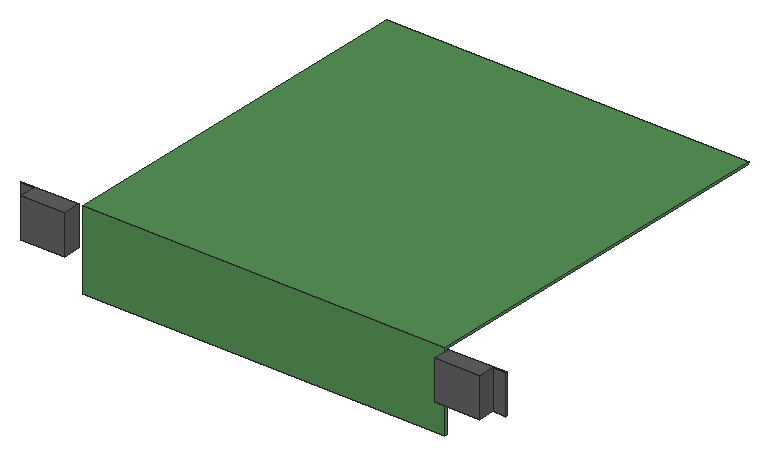
Revit family "Levelers_Kelley_HP", category Specialty Equipment, host Floor, Revit 2023
Family settings
  Host = Floor
  Round Connector Dimension = Use Diameter
  Part Type = Normal
  Enable Cutting in Views = No
  Always vertical = Yes
  Cut with Voids When Loaded = Yes
  Maintain Annotation Orientation = No
  Shared = No
  Room Calculation Point = No
Parameters (values of type "7x8")
  URL = "http://kelleyentrematic.com/"
  Model = "HP"
  Manufacturer = "Kelley Entrematic"
  Description = "Hydraulic Leveler"
  LipExtension = 0' - 0"
  PitWidth = 7' - 1"
  PitLength = 7' - 3"
  PitDepthR = PitDepth - 0' 0 1/2"  # 1' - 7 1/2"
  PitDepth = 1' - 8"
  LipLength = 1' - 6"
  Default Elevation = 0' - 0"
  Curb = 0' - 3"
  Capacity = "30-50k"
Types (9): name | PitWidth | PitLength | PitDepthR | PitDepth
  6x6 | 6' - 2" | 5' - 3" | 1' - 7 1/2" | 1' - 8"
  6x8 | 6' - 2" | 7' - 3" | 1' - 7 1/2" | 1' - 8"
  6.5x6 | 6' - 8" | 5' - 3" | 1' - 7 1/2" | 1' - 8"
  6.5x8 | 6' - 8" | 7' - 3" | 1' - 7 1/2" | 1' - 8"
  7x6 | 7' - 1" | 5' - 3" | 1' - 7 1/2" | 1' - 8"
  7x8 | 7' - 1" | 7' - 3" | 1' - 7 1/2" | 1' - 8"
  6x10 | 6' - 2" | 9' - 3" | 1' - 11 1/2" | 2' - 0"
  6.5x10 | 6' - 8" | 9' - 3" | 1' - 11 1/2" | 2' - 0"
  7x10 | 7' - 1" | 9' - 3" | 1' - 11 1/2" | 2' - 0"
Reference planes (in)
  plane 1 "Center (Front/Back)": y = 0
  plane 2: z = 0
  plane 3 "Center (Left/Right)": x = 0
  plane 4 "Lip Width": y = -59.5
  plane 5 "pit right": x = 42.5
  plane 6 "Pit left": x = -42.5
  plane 7 "pit rear": y = 27
  plane 8 "curb angle left": x = -45.5
  plane 9: x = -41.5
  plane 10 "curb angle right": x = 45.5
  plane 11: x = 41.5
  plane 12 "curb angle rear": y = 30
  plane 13 "Curb angle - Front": y = -57
  plane 14 "Edge of Dock": y = -60
  plane 15: z = -0.5
  plane 16: z = -19.5
  plane 17: z = -20
  plane 18: y = 15
  plane 19: y = -48
  plane 20 "Lip Length": z = -18
  plane 21: x = 63.5
  plane 22: x = -63.5
  plane 23: z = -3
  plane 24: z = -23
  plane 25: z = 0
  plane 26: z = 0
  plane 27: z = -9
  plane 28: x = -52.625
  plane 29: x = -55.625
  plane 30: y = -64
  plane 31: y = -60.25
  plane 32: x = 52.625
  plane 33: x = 55.625
Forms (in)
  Extrusion 1, void
    sketch origin (0, 0, 0) x (0, 1, 0) y (0, 0, 1)
      loop
        line (27, 0) -> (-60, 0) -> (-60, -20) -> (-48, -20) -> (15, -19.5) -> (27, -19.5) -> (27, 0)
    from -42.5 to 42.5
  Extrusion 2, solid, material "Kelly Diamond"
    sketch origin (0, 0, 0) x (1, 0, 0) y (0, 1, 0)
      loop
        line (-41.5, 27) -> (-41.5, -60) -> (41.5, -60) -> (41.5, 27) -> (-41.5, 27)
    from -0.5 to 0
  Extrusion 3, solid, material "Kelly Diamond"
    sketch origin (0, 0, 0) x (1, 0, 0) y (0, 0, 1)
      loop
        line (-41.5, 0) -> (-41.5, -18) -> (41.5, -18) -> (41.5, 0) -> (-41.5, 0)
    from 59.5 to 60
  Extrusion 4, solid, material "BUMPER"
    sketch origin (0, 0, 0) x (-1, 0, 0) y (0, -1, 0)
      loop
        line (42.5, 60) -> (55.625, 60) -> (55.625, 60.25) -> (52.625, 60.25) -> (52.625, 64) -> (42.5, 64) -> (42.5, 60)
      loop
        line (-42.5, 60) -> (-42.5, 64) -> (-52.625, 64) -> (-52.625, 60.25) -> (-55.625, 60.25) -> (-55.625, 60) -> (-42.5, 60)
    from -9 to 0
Cuts and joins
  joined: Extrusion 2, Extrusion 3
Lines and regions (in)
  model lines
    curve 1: line (-45.5, 30, 0) -> (45.5, 30, 0)
    curve 2: line (45.5, 30, 0) -> (45.5, 27, 0)
    curve 3: line (45.5, 27, 0) -> (-45.5, 27, 0)
    curve 4: line (-45.5, 27, 0) -> (-45.5, 30, 0)
    curve 5: line (-45.5, 27, 0) -> (-45.5, -57, 0)
    curve 6: line (-42.5, -57, 0) -> (-42.5, 27, 0)
    curve 7: line (-42.5, -57, 0) -> (-63.5, -57, 0)
    curve 8: line (-63.5, -57, 0) -> (-63.5, -60, 0)
    curve 9: line (-63.5, -60, 0) -> (-42.5, -60, 0)
    curve 10: line (45.5, 27, 0) -> (45.5, -57, 0)
    curve 11: line (42.5, -57, 0) -> (42.5, 27, 0)
    curve 12: line (42.5, -60, 0) -> (63.5, -60, 0)
    curve 13: line (63.5, -60, 0) -> (63.5, -57, 0)
    curve 14: line (63.5, -57, 0) -> (42.5, -57, 0)
    curve 15: line (-63.5, -60, 0) -> (-63.5, -60, -3)
    curve 16: line (-63.5, -60, -3) -> (-42.5, -60, -3)
    curve 17: line (-42.5, -60, -3) -> (-42.5, -60, 0)
    curve 18: line (-45.5, -60, -3) -> (-45.5, -60, -23)
    curve 19: line (-45.5, -60, -20) -> (-42.5, -60, -20)
    curve 20: line (-45.5, -60, -23) -> (45.5, -60, -23)
    curve 21: line (45.5, -60, -23) -> (45.5, -60, -3)
    curve 22: line (42.5, -60, -20) -> (45.5, -60, -20)
    curve 23: line (42.5, -60, -20) -> (42.5, -60, 0)
    curve 24: line (42.5, -60, -3) -> (63.5, -60, -3)
    curve 25: line (63.5, -60, -3) -> (63.5, -60, 0)
    curve 26: line (-42.5, -60, -3) -> (-42.5, -60, -20)
    curve 27: line (-42.5, -60, -20) -> (42.5, -60, -20)
    curve 28: line (-42.5, -57, 0) -> (-42.5, -60, 0)
    curve 29: line (42.5, -57, 0) -> (42.5, -60, 0)
Dimensions and locks (in)
  equal spacing: host sketch curve, plane 1 "Center (Front/Back)", host sketch curve
  equal spacing: host sketch curve, plane 3 "Center (Left/Right)", host sketch curve
  host sketch curve to host sketch curve = 10' - 0"  (x2)
  equal spacing: plane 6 "Pit left", plane 3 "Center (Left/Right)", plane 5 "pit right"
  "PitWidth": plane 6 "Pit left" to plane 5 "pit right"
  "PitLength": plane 14 "Edge of Dock" to plane 7 "pit rear"
  "Curb": plane 8 "curb angle left" to plane 6 "Pit left"
  locked: plane 6 "Pit left" to plane 9 at 1
  locked: plane 11 to plane 5 "pit right" at 1
  "Curb": plane 5 "pit right" to plane 10 "curb angle right"
  "Curb": plane 7 "pit rear" to plane 12 "curb angle rear"
  "Curb": plane 14 "Edge of Dock" to plane 13 "Curb angle - Front"
  "PitDepthR": level to plane 16
  "PitDepth": level to plane 17
  locked: plane 7 "pit rear" to plane 18 at 12
  locked: plane 19 to plane 14 "Edge of Dock" at 12
  "LipLength": level to plane 20 "Lip Length"
  locked: plane 22 to plane 6 "Pit left" at 21
  locked: plane 5 "pit right" to plane 21 at 21
  "LipExtension": plane 26 to level
  locked: plane 24 to plane 17 at 3
  locked: level to plane 15 at 0.5
  locked: plane 14 "Edge of Dock" to plane 4 "Lip Width" at 0.5
  locked: plane 3 "Center (Left/Right)" to connector elem at 14
  locked: connector elem to level at 16
  locked: curve 9 to plane 27 at 9
  locked: plane 28 to plane 6 "Pit left" at 10.125
  locked: plane 29 to plane 6 "Pit left" at 13.125
  locked: plane 30 to curve 9 at 4
  locked: plane 31 to curve 9 at 0.25
  locked: plane 5 "pit right" to plane 32 at 10.125
  locked: plane 5 "pit right" to plane 33 at 13.125
  aligned and locked: level to plane 2
  aligned and locked: plane 14 "Edge of Dock" to host floor
  aligned and locked: plane 19 to Extrusion 1 sketch curve
  aligned and locked: plane 16 to Extrusion 1 sketch curve
  aligned and locked: Extrusion 1 sketch curve to plane 18
  aligned and locked: plane 17 to Extrusion 1 sketch curve
  aligned and locked: Extrusion 1 sketch curve to plane 14 "Edge of Dock"
  aligned and locked: Extrusion 1 to plane 6 "Pit left"
  aligned and locked: Extrusion 1 to plane 5 "pit right"
  aligned and locked: plane 7 "pit rear" to Extrusion 2 sketch curve
  aligned and locked: Extrusion 2 sketch curve to plane 9
  aligned and locked: Extrusion 2 sketch curve to plane 14 "Edge of Dock"
  aligned and locked: Extrusion 2 to plane 15
  aligned and locked: level to Extrusion 2
  aligned and locked: Extrusion 3 sketch curve to Extrusion 2
  aligned and locked: plane 20 "Lip Length" to Extrusion 3 sketch curve
  aligned and locked: Extrusion 3 sketch curve to plane 11
  aligned and locked: Extrusion 3 to plane 14 "Edge of Dock"
  aligned and locked: Extrusion 3 to plane 4 "Lip Width"
  aligned and locked: Extrusion 2 sketch curve to plane 11
  aligned and locked: curve 7 to plane 13 "Curb angle - Front"
  aligned and locked: curve 8 to plane 22
  aligned and locked: curve 5 to plane 8 "curb angle left"
  aligned and locked: plane 6 "Pit left" to curve 6
  aligned and locked: curve 3 to plane 7 "pit rear"
  aligned and locked: plane 12 "curb angle rear" to curve 1
  aligned and locked: curve 2 to plane 10 "curb angle right"
  aligned and locked: plane 5 "pit right" to curve 11
  aligned and locked: curve 10 to plane 10 "curb angle right"
  aligned and locked: curve 14 to plane 13 "Curb angle - Front"
  aligned and locked: plane 14 "Edge of Dock" to curve 12
  aligned and locked: curve 13 to plane 21
  aligned and locked: plane 24 to curve 18
  aligned and locked: curve 16 to plane 23
  aligned and locked: curve 15 to plane 22
  aligned and locked: plane 6 "Pit left" to curve 17
  aligned and locked: curve 22 to plane 5 "pit right"
  aligned and locked: curve 21 to plane 10 "curb angle right"
  aligned and locked: curve 22 to plane 17
  aligned and locked: curve 25 to plane 21
  aligned and locked: curve 19 to curve 27
  aligned and locked: curve 9 to plane 14 "Edge of Dock"
  aligned and locked: plane 26 to Extrusion 3 sketch curve
  aligned and locked: plane 23 to curve 24
  aligned and locked: plane 24 to curve 20
  aligned and locked: plane 27 to Extrusion 4
  aligned and locked: level to Extrusion 4
  aligned and locked: cut or joined group of Extrusion 2, Extrusion 3 to plane 7 "pit rear"  (x2)
  aligned and locked: plane 30 to Extrusion 4 sketch curve
  aligned and locked: Extrusion 4 sketch curve to plane 28
  aligned and locked: Extrusion 4 sketch curve to curve 9
  aligned and locked: Extrusion 4 sketch curve to plane 29
  aligned and locked: plane 31 to Extrusion 4 sketch curve
  aligned and locked: Extrusion 4 sketch curve to plane 6 "Pit left"
  aligned and locked: Extrusion 4 sketch curve to plane 5 "pit right"
  aligned and locked: Extrusion 4 sketch curve to curve 12
  aligned and locked: Extrusion 4 sketch curve to plane 30
  aligned and locked: Extrusion 4 sketch curve to plane 31
  aligned and locked: plane 32 to Extrusion 4 sketch curve
  aligned and locked: Extrusion 4 sketch curve to plane 33
Automatic sketch dimensions
  Extrusion 1 sketch curve to level = 0' - 0"
  Extrusion 1 sketch curve to plane 7 "pit rear" = 0' - 0"
  curve 25 to level = 0' - 0"
  curve 18 to plane 23 = 0' - 0"
  curve 23 to level = 0' - 0"
  curve 17 to level = 0' - 0"
  curve 15 to level = 0' - 0"
  curve 27 to plane 17 = 0' - 0"
  plane 8 "curb angle left" to curve 20 = 0' - 0"
  plane 21 to curve 25 = 0' - 0"
Connectors (in)
  electrical at (14, 27, -16)
    settings: on plane 7 "pit rear", index 1, voltage 120 V, apparent load 0 VA, apparent load phase1 0 VA, apparent load phase2 0 VA, apparent load phase3 0 VA, power factor 1, load classification "Other", number of poles 1, system type 31, power factor state 1, is connector primary yes, connector utility no, sub classification motor no, connector description ""
